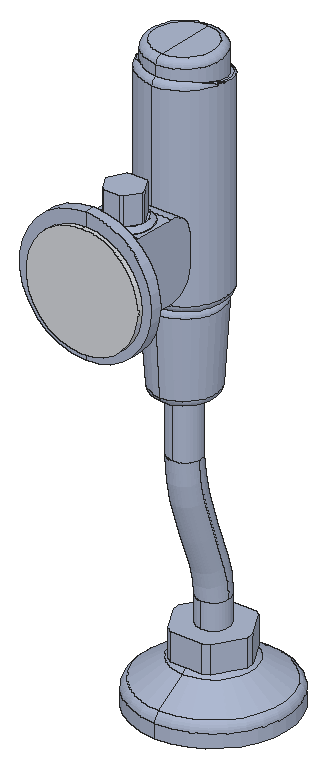
Revit family "EDE-GRF-INS- Tempo Plus para Urinario", category Aparatos sanitarios, Revit 2019
Family settings
  Anfitrión = Muro
  Cota de conector redondo = Diámetro de uso
  Tipo de pieza = Normal
  Número OmniClass = 23.45.00.00
  Título OmniClass = Sanitary, Laundry, and Cleaning Equipment
  Siempre vertical = Sí
  Corte con vacíos al cargar = No
  Compartido = No
  Punto de cálculo de habitación = No
Parameters (values of type "Tempo Plus para Urinario")
  _EDESA_ Materiales = "Latón"
  _EDESA_ Garantía = "De por vida para el cuerpo principal y acabado en cromo (306)"
  _EDESA_ Cumple normativa ADA = ""
  _EDESA_ Conexión hidráulica = "Entrada de agua: tubería ø 1/2\""
  _EDESA_ Tipo de instalación = "A la pared"
  _EDESA_ Sku/código = "SG0057843061CE"
  _EDESA_ Manual de Instalación = ""
  _EDESA_ Profundidad en cm = "9"
  _EDESA_ Productos necesarios para instalación = ""
  _EDESA_ Productos incluídos = "Cobertor para la pared y spud"
  _EDESA_ Peso en kg = "15.3 kg"
  _EDESA_ Nombre = "Tempo Plus para Urinario"
  _EDESA_ Distancia de instalación en cm (muro terminado) = ""
  _EDESA_ Descripción = "Llave temporizada para urinario. Instalación a la pared."
  _EDESA_ Contacto comercial = "(02) 395 2900"
  _EDESA_ Consumo/capacidad de agua en L = "1.2 litros por descarga"
  _EDESA_ Color = "cromo"
  _EDESA_ Certificación = "Cumple con la norma ASSE 1037 (Pressurized Flushing Devices - Flushometers - for Plumbing Fixtures)"
  _EDESA_ Categoría = "Productos > Grifería > Institucional"
  _EDESA_ Ancho en cm = "5.9"
  _EDESA_ Alto en cm = "26.3"
  URL = "https://www.edesa.com.ec/productos/fichastecnicaspdf/Edesa/Griferia/Tempo_plus_para_urinario.pdf"
  Modelo = "Tempo Plus para Urinario"
  Fabricante = "EDESA-PREMIUM ECUADOR"
Reference planes (m)
  plane 1: y = 0
  plane 2 "Centro (Izquierda/Derecha)": x = 0.125
  plane 3 "Posterior": y = 0.18
  plane 4 "_RP_Eje ubicación": z = 1.2
  plane 5 "_RP_Eje ubicación3": z = 1.630936
  plane 6 "_RP_Eje ubicación7": z = 1.095341
  plane 7 "_RP_Eje ubicación8": z = 0.495341
Forms (m)
  Extrusion 1, solid
    sketch origin (0.281663, 0.18, -0.002845) x (0, 0, -1) y (1, 0, 0)
      loop
        circle (-1.201708, -0.156663) r 0.025
    from 0 to 0.002013
Text (m)
  text "Cara de colocación" at (-1.787139, 0.59235, 0), in view "Nivel de referencia"
  text "Cara de colocación" at (0, 1.827695, 2.917686), in view "Izquierda"
  text "Cara de colocación" at (0, 0.562268, 3.853606), in view "Derecha"
Dimensions and locks (m)
  locked: plane 3 "Posterior" to host wall at 0
  locked: plane 6 "_RP_Eje ubicación7" to plane 4 "_RP_Eje ubicación" at 0.104659
  plane 5 "_RP_Eje ubicación3" to level = 1.630936 m
  plane 4 "_RP_Eje ubicación" to level = 1.20 m
  aligned and locked: plane 2 "Centro (Izquierda/Derecha)" to nested 1
  aligned and locked: plane 3 "Posterior" to nested 1
Nested families (m)
  nested 1: "Tempo urinario" at (0.125, 0.18, 1.2), type "Tempo urinario"
Connectors (m)
  piping at (0.125, 0.177987, 1.198863), diameter 0.0125
    settings: on Extrusion 1, index 1, connector inside diameter 609.6 mm, connector length 0.00 m, flow factor 0, pipe flow 0.0 L/s, pressure drop 0.0 Pa, fitting loss kfactor 0, connector angle 0.00°, fixture units 0, engagement length 0.00 m, angle of deflection 0.00°, flow configuration 0, flow direction 1, fitting loss method 0, system type 7, joint type 0, gender type 0, connector reference index -1, connector utility 0, adjustable connector no, is connector primary yes, connector description ""
Definition of nested family "Tempo urinario"
  Reference planes (m)
    plane 1 "Centro (Frontal/Posterior)": y = 0
    plane 2: z = 0
    plane 3 "Centro (Izquierda/Derecha)": x = 0
  Forms (m)
    Revolve 1, solid
      sketch origin (0, 0, 0) x (0, 1, 0) y (0, 0, 1)
        loop
          arc (0.0047, -0.0295) -> (0.007124, -0.023598) -> (0.009, -0.0175) r 0.069956
          line (0.009, -0.0175) -> (0.009, 0) -> (0, 0) -> (0, -0.0295) -> (0.0047, -0.0295)
        axis (0.009, 0) -> (0, 0)
      angle from 0 to 360
    Revolve 2, solid
      sketch origin (0, 0, 0) x (0, 1, 0) y (0, 0, 1)
        loop
          arc (0.07, -0.025262) -> (0.072121, -0.024384) -> (0.073, -0.022262) r 0.003
          line (0.073, -0.022262) -> (0.073, 0.063763)
          arc (0.073, 0.063763) -> (0.072121, 0.065884) -> (0.07, 0.066763) r 0.003
          line (0.07, 0.066763) -> (0.055, 0.066763) -> (0.055, -0.025262) -> (0.07, -0.025262)
        axis (0.055, 0.066763) -> (0.055, -0.025262)
      angle from 0 to 360
    Revolve 3, void
      sketch origin (0, 0, 0) x (0, 1, 0) y (0, 0, 1)
        loop
          line (0.073, 0.058995) -> (0.075058, 0.067994) -> (0.05711, 0.0721) -> (0.055223, 0.063849) -> (0.072223, 0.05996)
          arc (0.072223, 0.05996) -> (0.072779, 0.059613) -> (0.073, 0.058995) r 0.001
        axis (0.055052, 0.0631) -> (0.05711, 0.0721)
      angle from 0 to 360
    Revolve 4, solid
      sketch origin (0, 0, 0) x (0, 1, 0) y (0, 0, 1)
        loop
          line (0.0708, 0.056555) -> (0.0708, 0.0713)
          arc (0.0708, 0.0713) -> (0.069921, 0.073421) -> (0.0678, 0.0743) r 0.003
          line (0.0678, 0.0743) -> (0.055, 0.0743) -> (0.055, 0.053555) -> (0.0678, 0.053555)
          arc (0.0678, 0.053555) -> (0.069921, 0.054433) -> (0.0708, 0.056555) r 0.003
        axis (0.055, 0.053555) -> (0.055, 0.0743)
      angle from 0 to 360
    Extrusion 5, solid
      sketch origin (0, 0, 0) x (0, 1, 0) y (0, 0, 1)
        loop
          arc (0.014, 0.017) -> (0.010464, 0.015536) -> (0.009, 0.012) r 0.005
          line (0.009, 0.012) -> (0.009, -0.0115)
          arc (0.009, -0.0115) -> (0.010464, -0.015036) -> (0.014, -0.0165) r 0.005
          line (0.014, -0.0165) -> (0.032048, -0.0165)
          arc (0.032048, -0.0165) -> (0.039119, -0.013571) -> (0.042048, -0.0065) r 0.01
          line (0.042048, -0.0065) -> (0.042048, 0.007)
          arc (0.042048, 0.007) -> (0.039119, 0.014071) -> (0.032048, 0.017) r 0.01
          line (0.032048, 0.017) -> (0.014, 0.017)
      from -0.0125 to 0.0125
    Revolve 6, solid
      sketch origin (0, 0, 0) x (0, 1, 0) y (0, 0, 1)
        loop
          line (0.0112, 0.017) -> (0.0112, 0.014325) -> (0.022014, 0.014325) -> (0.022014, 0.018741) -> (0.013326, 0.018749) -> (0.0112, 0.017)
        axis (0.022014, 0.018749) -> (0.022014, 0.014325)
      angle from 0 to 360
    Revolve 7, solid
      sketch origin (0, 0, 0) x (0, 1, 0) y (0, 0, 1)
        loop
          line (0.055, -0.025262) -> (0.042193, -0.025262)
          arc (0.042193, -0.025262) -> (0.040007, -0.026208) -> (0.039199, -0.02845) r 0.003
          line (0.039199, -0.02845) -> (0.041324, -0.06245)
          arc (0.041324, -0.06245) -> (0.042264, -0.064449) -> (0.044318, -0.065262) r 0.003
          line (0.044318, -0.065262) -> (0.04815, -0.065262) -> (0.04815, -0.090911) -> (0.055, -0.090911) -> (0.055, -0.025262)
        axis (0.055, -0.090911) -> (0.055, -0.025262)
      angle from 0 to 360
    Revolve 8, solid
      sketch origin (0, 0, 0) x (0, 1, 0) y (0, 0, 1)
        loop
          line (0.070992, -0.164762) -> (0.070992, -0.153613) -> (0.06415, -0.153613) -> (0.06415, -0.164762) -> (0.070992, -0.164762)
        loop
          line (0.070992, -0.176762) -> (0.055792, -0.176762) -> (0.053992, -0.178562) -> (0.040743, -0.187281)
          arc (0.040743, -0.187281) -> (0.039091, -0.189085) -> (0.038492, -0.191458) r 0.005
          line (0.038492, -0.191458) -> (0.038492, -0.197262) -> (0.06415, -0.197262) -> (0.06415, -0.202262) -> (0.070992, -0.202262) -> (0.070992, -0.176762)
        axis (0.070992, -0.153613) -> (0.070992, -0.202262)
      angle from 0 to 360
    Sweep 9, solid
      path origin (0, 0, 0) x (0, 1, 0) y (0, 0, 1)
        loop
          spline (0.055, -0.090911) -> (0.055315, -0.097106) -> (0.056185, -0.103048) -> (0.057499, -0.10876) -> (0.059146, -0.114265) -> (0.061016, -0.119586) -> (0.062996, -0.124746) -> (0.064976, -0.129768) -> (0.066846, -0.134675) -> (0.068493, -0.139491) -> (0.069807, -0.144237) -> (0.070677, -0.148937) -> (0.070992, -0.153613)
      profile origin (0, 0.062996, -0.124746) x (0, 0.930726, 0.365718) y (1, 0, 0)
        loop
          circle (0, 0) r 0.006842
    Extrusion 10, solid
      sketch origin (0, 0, 0) x (1, 0, 0) y (0, 1, 0)
        loop
          line (0.00341, 0.029514) -> (-0.003406, 0.029514) -> (-0.00479, 0.028716) -> (-0.008212, 0.02279) -> (-0.008214, 0.021232) -> (-0.004772, 0.01527) -> (-0.003448, 0.014505) -> (0.003448, 0.014505) -> (0.004772, 0.01527) -> (0.008214, 0.021232) -> (0.008212, 0.02279) -> (0.00479, 0.028716) -> (0.00341, 0.029514)
      from 0.018599 to 0.030861
    Extrusion 11, solid
      sketch origin (0, 0, 0) x (1, 0, 0) y (0, 1, 0)
        loop
          line (-0.016431, 0.072539) -> (-0.01643, 0.069429) -> (-0.009557, 0.057526) -> (-0.006877, 0.055979) -> (0.006869, 0.055978) -> (0.00955, 0.057526) -> (0.01643, 0.069442) -> (0.016431, 0.072526) -> (0.00955, 0.084445) -> (0.006869, 0.085993) -> (-0.006877, 0.085992) -> (-0.009557, 0.084445) -> (-0.016431, 0.072539)
      from -0.176762 to -0.164763
  Cuts and joins
    Revolve 3 cuts Revolve 2
    joined: Revolve 1, Revolve 2
  Dimensions and locks (m)
    aligned and locked: level to plane 2
  Connectors (m)
    piping at (0, 0, 0), diameter 0.0191
      settings: on cut or joined group of Revolve 1, Revolve 2, Revolve 3, index 1, connector inside diameter 609.6 mm, connector length 0.00 m, flow factor 0, pipe flow 0.2 L/s, pressure drop 0.0 Pa, fitting loss kfactor 0, connector angle 0.00°, fixture units 0, engagement length 0.00 m, angle of deflection 0.00°, flow configuration 0, flow direction 1, fitting loss method 2, system type 7, joint type 0, gender type 0, connector reference index -1, connector utility 0, adjustable connector no, is connector primary yes, connector description ""
    piping at (0, 0.070992, -0.202262), diameter 0.0191
      settings: on Revolve 8, index 2, connector inside diameter 609.6 mm, connector length 0.00 m, flow factor 0, pipe flow 0.2 L/s, pressure drop 0.0 Pa, fitting loss kfactor 0, connector angle 0.00°, fixture units 0, engagement length 0.00 m, angle of deflection 0.00°, flow configuration 0, flow direction 2, fitting loss method 2, system type 7, joint type 0, gender type 0, connector reference index -1, connector utility 0, adjustable connector no, is connector primary no, connector description ""
